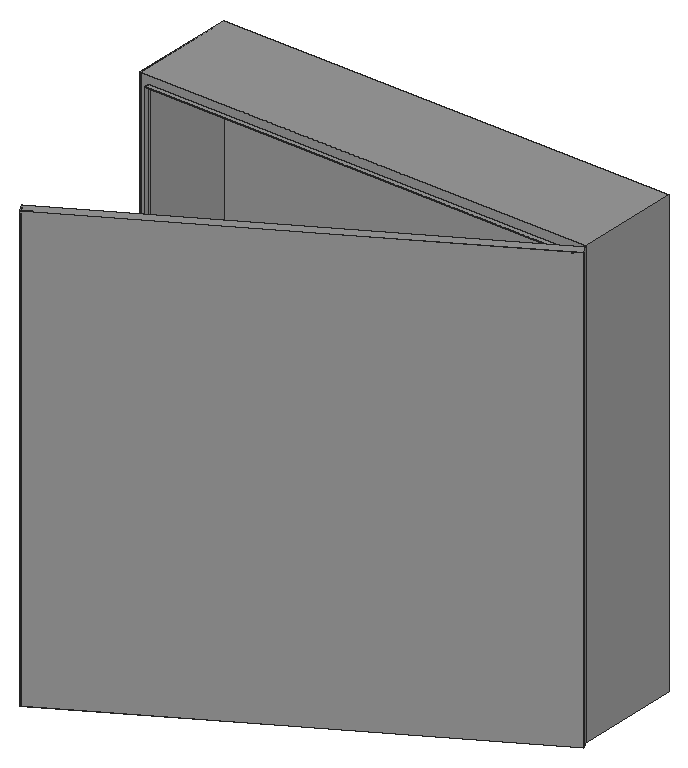
Revit family "Hager-Univers-IP44-D205-H800-Cl.II-Encl-NoHosted-PL-pl", category Electrical Equipment, Revit 2020
Family settings
  Panel Configuration = Two Columns, Circuits Across
  Round Connector Dimension = Use Diameter
  Part Type = Panelboard
  Work Plane-Based = Yes
  Always vertical = Yes
  Cut with Voids When Loaded = No
  Shared = No
  Room Calculation Point = No
Parameters (values of type "Montaż natynkowy IP44 S800 W800 G205  - FP53SN2")
  Width Control [instance] = if([EF000008 - Szerokość] > Min Width, [EF000008 - Szerokość], Min Width)  # 800 mm
  Type Comments = [HG000003 - Zakres]  # "Univers"
  Thickness Door [instance] = if([EF009171 - Drzwi/pokrywa z materiału o wysokiej wytrzymałości mechanicznej] > 3 mm, 3 mm, [EF009171 - Drzwi/pokrywa z materiału o wysokiej wytrzymałości mechanicznej])  # 1 mm
  Seal Frame Offset [instance] = 17 mm  # constant formula
  Plinth Visibility [instance] = [HG000027 - Wysokość cokołu] > 0 mm  # no
  Min Width [instance] = 100 mm  # constant formula
  Min Depth [instance] = (2 * [EF009170 - Obudowa z materiału o wysokiej wytrzymałości mechanicznej]) + 1 mm  # 3 mm
  Min Height [instance] = 100 mm  # constant formula
  Internal Frame Depth [instance] = (Door System Depth * 0.5)  # 9 mm
  Panel Name [instance] = ""  # (empty or 0)
  Model = ""
  HG000027 - Wysokość cokołu = 0 mm
  HG000026 - Stojąca = no
  HG000024 - Wysokość części dolnej = 600 mm
  HG000023 - Obudowa dwusekcyjna = no
  HG000016 - Widoczność drzwi w widoku 3D [instance] = yes
  HG000015 - Przestrzeń robocza - otwarcie drzwi [instance] = no
  HG000014 - Drzwi prawe [instance] = yes
  HG000013 - Drzwi lewe [instance] = not([HG000014 - Drzwi prawe])  # no
  HG000012 - Kąt otwarcia drzwi [instance] = 30.00°
  HG000010 - Drzwi asymetryczne = no
  HG000009 - Drzwi dwuskrzydłowe = no
  HG000006 - Montaż podtynkowy = no
  HG000004 - Referencja producenta = "FP53SN2"
  HG000003 - Zakres = "Univers"
  HG000002 - Z drzwiami lub pokrywą = yes
  Frame Offset Bottom [instance] = 10 mm  # constant formula
  Frame Offset [instance] = 15 mm  # constant formula
  EF015940 - Pokrywa z wyzwalaczem nadciśnieniowym = no
  EF011959 - Stopień ochrony (NEMA) = ""
  EF009554 - Liczba otworów pod flansze = 6
  EF009212 - Wykonanie pokrywy = "EV000116 - Zamknięty"
  EF009171 - Drzwi/pokrywa z materiału o wysokiej wytrzymałości mechanicznej = 1 mm
  EF009170 - Obudowa z materiału o wysokiej wytrzymałości mechanicznej = 1 mm
  EF008873 - Prąd znamionowy (In) = 250 A
  EF007800 - Do ochrony odgromowej = no
  EF006306 - Z zamkiem = no
  EF006244 - Transparentna pokrywa/drzwi = no
  EF005474 - Stopień ochrony (IP) = "EV006418 - IP44"
  EF004464 - Rodzaj drzwi = "EV002646 - Pojedynczy"
  EF004427 - Liczba modułów = 180
  EF004293 - Odporność udarowa = "EV006815 - IK09"
  EF003532 - Do zastosowań zewnętrznych = no
  EF002950 - Szerokość wyrażona liczbą modułów = 36
  EF001613 - Podtrzymanie funkcji = "EV000494 - Brak"
  EF001596 - Materiał obudowy = "EV000179 - Stal"
  EF001131 - Głębokość wewnętrzna = 130 mm
  EF001088 - Możliwość rozbudowy = yes
  EF000437 - Liczba wejść kablowych = 6
  EF000339 - Rodzaj pokrywy = "EV004216 - Drzwi"
  EF000266 - Liczba rzędów = 5
  EF000218 - Głębokość wbudowania = 205 mm
  EF000118 - Z płytą montażową = no
  EF000116 - Numer RAL = "9010"
  EF000049 - Głębokość = 205 mm
  EF000040 - Wysokość = 800 mm
  EF000008 - Szerokość = 800 mm
  EF000007 - Kolor = "EV000202 - Biały"
  EF000003 - Sposób montażu = "EV000384 - Montaż natynkowy"
  Door System Leaf Tolerance [instance] = 1.5 mm  # constant formula
  Door System Depth [instance] = 18 mm  # constant formula
  Door Height [instance] = Height Control - [HG000027 - Wysokość cokołu]  # 800 mm
  Description = ""
  Default Elevation = 1219.2 mm
  Connector Offset [instance] = Height Control / 2  # 400 mm
  Manufacturer = "Hager"  # constant formula
  Height Control [instance] = if([EF000040 - Wysokość] > Min Height, [EF000040 - Wysokość], Min Height)  # 800 mm
  Depth Control [instance] = if([EF000049 - Głębokość] > Min Depth, [EF000049 - Głębokość], Min Depth)  # 205 mm
  Bottom Top Plate Trim [instance] = 1.5 mm  # constant formula
  Plinth height Ctrl [instance] = if([HG000027 - Wysokość cokołu] > 0 mm, [HG000027 - Wysokość cokołu], 12 mm)  # 12 mm
Types (5, lengths in mm): name | Width Control | HG000010 - Drzwi asymetryczne | HG000009 - Drzwi dwuskrzydłowe | HG000004 - Referencja producenta | EF009554 - Liczba otworów pod flansze | EF004464 - Rodzaj drzwi | EF004427 - Liczba modułów | EF002950 - Szerokość wyrażona liczbą modułów | EF000437 - Liczba wejść kablowych | EF000339 - Rodzaj pokrywy | EF000008 - Szerokość
  Montaż natynkowy IP44 S1050 W800 G205  - FP54SN2 | 1050 | no | yes | "FP54SN2" | 8 | "EV003602 - Podwójny" | 240 | 48 | 8 | "EV004216 - Drzwi" | 1050
  Montaż natynkowy IP44 S1300 W800 G205  - FP55SN2 | 1300 | yes | yes | "FP55SN2" | 10 | "EV003602 - Podwójny" | 300 | 60 | 10 | "EV004216 - Drzwi" | 1300
  Montaż natynkowy IP44 S300 W800 G205  - FP51SN2 | 300 | no | no | "FP51SN2" | 2 | "EV002646 - Pojedynczy" | 60 | 12 | 2 | "EV001012 - Pokrywa" | 300
  Montaż natynkowy IP44 S550 W800 G205  - FP52SN2 | 550 | no | no | "FP52SN2" | 4 | "EV002646 - Pojedynczy" | 120 | 24 | 4 | "EV001012 - Pokrywa" | 550
  Montaż natynkowy IP44 S800 W800 G205  - FP53SN2 | 800 | no | no | "FP53SN2" | 6 | "EV002646 - Pojedynczy" | 180 | 36 | 6 | "EV004216 - Drzwi" | 800
Reference planes
  plane 1 "Center (Front/Back)": y = 0
  plane 2: z = 0
  plane 3 "Center (Left/Right)": x = 0
  plane 4: y = 0
  plane 5: y = 0
  plane 6: z = 0
  plane 7: x = -400
  plane 8: x = 400
  plane 9: x = 399
  plane 10: x = -399
  plane 11: z = 0
  plane 12: z = 1
  plane 13: y = -205
  plane 14: y = -1
  plane 15: x = 0
  plane 16: y = -187
  plane 17: y = -204
  plane 18: y = -186
  plane 19: x = -384
  plane 20: x = 384
  plane 21: z = 11
  plane 22: x = -383
  plane 23: x = 383
  plane 24: z = 0
  plane 25: z = 800
  plane 26: z = 800
  plane 27: z = 784
  plane 28: z = 799
Forms (mm)
  Extrusion 1, solid, material "Hager_Steel_RAL7035_Light_Grey", detail levels medium+fine
    sketch origin (-208.679, -4572, 0) x (-1, 0, 0) y (0, -1, 0)
      loop
        line (191.321, -4385) -> (-608.679, -4385) -> (-608.679, -4572) -> (191.321, -4572) -> (191.321, -4385)
    from 0 to 800
  Extrusion 2, void
    sketch origin (-350.771, -205, 1219.2) x (1, 0, 0) y (0, 0, 1)
      loop
        line (-48.229, -420.2) -> (-48.229, -1218.2) -> (749.771, -1218.2) -> (749.771, -420.2) -> (-48.229, -420.2)
    from -19 to -204
  Extrusion 3, void
    sketch origin (-290.084, -187, 1219.2) x (1, 0, 0) y (0, 0, 1)
      loop
        line (-93.916, -1208.2) -> (674.084, -1208.2) -> (674.084, -435.2) -> (-93.916, -435.2) -> (-93.916, -1208.2)
    from 0 to -1
  Extrusion 4, solid, material "Hager_Steel_RAL7035_Light_Grey", visible <- "Plinth Visibility", detail levels medium+fine
    sketch origin (0, 0, 0) x (1, 0, 0) y (0, 1, 0)
      loop
        line (-400, 0) -> (-400, -187) -> (400, -187) -> (400, 0) -> (-400, 0)
    from 0 to 12 <- "Plinth height Ctrl"
  Extrusion 5, solid, material "Hager_Steel_RAL7035_Light_Grey", detail levels coarse
    sketch origin (0, 0, 0) x (1, 0, 0) y (0, 1, 0)
      loop
        line (-400, 0) -> (-400, -205) -> (400, -205) -> (400, 0) -> (-400, 0)
    from 0 to 800 <- "Height Control"
  Sweep 6, void
    path in 3D
      loop
        line (-400, -187, 12) -> (400, -187, 12) -> (400, 0, 12) -> (-400, 0, 12) -> (-400, -187, 12)
    profile origin (-400, -93.5, 12) x (1, 0, 0) y (0, 0, 1)
      loop
        line (0, 0) -> (0, -1.5) -> (1.5, -1.5)
        arc (1.5, -1.5) -> (1.061, -0.439) -> (0, 0) r 1.5
  Extrusion 7, solid, material "Hager_Steel_RAL7035_Light_Grey", detail levels fine
    sketch origin (-400, -187, 0) x (1, 0, 0) y (0, 0, 1)
      loop
        line (16, 11) -> (784, 11) -> (784, 784) -> (16, 784) -> (16, 11)
      loop
        line (15, 10) -> (785, 10) -> (785, 785) -> (15, 785) -> (15, 10)
    from 0 to 9 <- "Internal Frame Depth"
Cuts and joins
  Extrusion 2, Extrusion 3 cuts Extrusion 1
  Sweep 6 cuts Extrusion 4
Lines and regions (mm)
  Masking region 1
    outline origin (0, 0, 0) x (1, 0, 0) y (0, 1, 0)
      loop
        line (-400, 0) -> (-400, -205) -> (400, -205) -> (400, 0) -> (-400, 0)
  Masking region 2, detail levels coarse
    outline origin (-290.084, -187, 1219.2) x (-1, 0, 0) y (0, 0, 1)
      loop
        line (-690.084, -1219.2) -> (109.916, -1219.2) -> (109.916, -419.2) -> (-690.084, -419.2) -> (-690.084, -1219.2)
  Masking region 3, detail levels coarse
    outline origin (0, 0, 0) x (0, 1, 0) y (0, 0, 1)
      loop
        line (0, 0) -> (0, 800) -> (-205, 800) -> (-205, 0) -> (0, 0)
  Masking region 4, visible <- "Plinth Visibility", detail levels medium+fine
    outline origin (0, 0, 0) x (0, 1, 0) y (0, 0, 1)
      loop
        line (-1.5, 12) -> (-185.5, 12)
        arc (-185.5, 12) -> (-185.939, 10.939) -> (-187, 10.5) r 1.5
        line (-187, 10.5) -> (-187, 0) -> (0, 0) -> (0, 10.5)
        arc (0, 10.5) -> (-1.061, 10.939) -> (-1.5, 12) r 1.5
  Masking region 5, detail levels medium+fine
    outline origin (0, 0, 594.038) x (0, 1, 0) y (0, 0, 1)
      loop
        line (0, -594.038) -> (0, 205.962) -> (-187, 205.962) -> (-187, -594.038) -> (0, -594.038)
  Masking region 6, detail levels medium+fine
    outline origin (-359.7, -187, 1211.883) x (-1, 0, 0) y (0, 0, 1)
      loop
        line (-759.7, -1211.883) -> (40.3, -1211.883) -> (40.3, -411.883) -> (-759.7, -411.883) -> (-759.7, -1211.883)
  Masking region 7, visible <- "Plinth Visibility", detail levels medium+fine
    outline origin (-320.334, -187, 1041.368) x (-1, 0, 0) y (0, 0, 1)
      loop
        line (-720.334, -1041.368) -> (79.666, -1041.368) -> (79.666, -1030.868)
        arc (79.666, -1030.868) -> (78.606, -1030.429) -> (78.166, -1029.368) r 1.5
        line (78.166, -1029.368) -> (-718.834, -1029.368)
        arc (-718.834, -1029.368) -> (-719.273, -1030.429) -> (-720.334, -1030.868) r 1.5
        line (-720.334, -1030.868) -> (-720.334, -1041.368)
  sketch lines
    curve 1: line (-400, 0, 12) -> (-400, -187, 12)
    curve 2: line (-400, -187, 12) -> (400, -187, 12)
    curve 3: line (400, 0, 12) -> (-400, 0, 12)
    curve 4: line (400, -187, 12) -> (400, 0, 12)
Dimensions and locks
  locked: plane 1 "Center (Front/Back)" to plane 5
  "EF009170 - Obudowa z materiału o wysokiej wytrzymałości mechanicznej": plane 7 to plane 10
  "EF009170 - Obudowa z materiału o wysokiej wytrzymałości mechanicznej": plane 8 to plane 9
  equal spacing: plane 7, plane 3 "Center (Left/Right)", plane 8
  "Width Control": plane 7 to plane 8
  "Depth Control": plane 4 to plane 13
  "EF009170 - Obudowa z materiału o wysokiej wytrzymałości mechanicznej": plane 4 to plane 14
  "Height Control": plane 25 to level
  "HG000027 - Wysokość cokołu": plane 11 to level
  "EF009170 - Obudowa z materiału o wysokiej wytrzymałości mechanicznej": plane 12 to plane 11
  "EF009170 - Obudowa z materiału o wysokiej wytrzymałości mechanicznej": plane 17 to plane 13
  "EF009170 - Obudowa z materiału o wysokiej wytrzymałości mechanicznej": plane 18 to plane 16
  "Frame Offset Bottom": plane 21 to plane 12
  "Frame Offset": plane 10 to plane 19
  "Frame Offset": plane 9 to plane 20
  "Door System Depth": plane 16 to plane 13
  "Seal Frame Offset": plane 7 to plane 22
  "Seal Frame Offset": plane 8 to plane 23
  "EF009170 - Obudowa z materiału o wysokiej wytrzymałości mechanicznej": plane 26 to plane 28
  "Frame Offset": plane 28 to plane 27
  "Connector Offset": plane 2 to connector elem
  "Bottom Top Plate Trim": profile plane to Sweep 6 sketch curve
  "Bottom Top Plate Trim": Sweep 6 sketch curve to Sweep 6 sketch curve
  "Plinth height Ctrl": Masking region 4 sketch curve to level
  "Plinth height Ctrl": Masking region 7 sketch curve to level
  "Thickness Door": Extrusion 7 sketch curve to Extrusion 7 sketch curve  (x4)
  "Bottom Top Plate Trim": radius of Sweep 6 sketch curve
  "Bottom Top Plate Trim": radius of Masking region 4 sketch curve  (x2)
  "Bottom Top Plate Trim": radius of Masking region 7 sketch curve  (x2)
  aligned and locked: Extrusion 2 sketch curve to plane 12
  aligned and locked: Extrusion 2 sketch curve to plane 9
  aligned and locked: Extrusion 2 sketch curve to plane 10
  aligned and locked: Extrusion 2 to plane 14
  aligned and locked: Extrusion 1 sketch curve to plane 4
  aligned and locked: plane 8 to Extrusion 1 sketch curve
  aligned and locked: plane 7 to Extrusion 1 sketch curve
  aligned and locked: Extrusion 2 to plane 18
  aligned and locked: Extrusion 3 sketch curve to plane 19
  aligned and locked: plane 20 to Extrusion 3 sketch curve
  aligned and locked: Extrusion 3 to Extrusion 2
  aligned and locked: Extrusion 3 sketch curve to plane 21
  aligned and locked: plane 3 "Center (Left/Right)" to nested 1
  aligned and locked: Extrusion 1 sketch curve to plane 16
  aligned and locked: Extrusion 4 sketch curve to cut or joined group of Extrusion 1, Extrusion 2, Extrusion 3
  aligned and locked: Masking region 1 sketch curve to plane 7
  aligned and locked: Masking region 1 sketch curve to plane 5
  aligned and locked: Masking region 1 sketch curve to plane 8
  aligned and locked: Masking region 2 sketch curve to level
  aligned and locked: level to Masking region 3 sketch curve
  aligned and locked: plane 1 "Center (Front/Back)" to Masking region 3 sketch curve
  aligned and locked: plane 13 to Masking region 3 sketch curve
  aligned and locked: plane 5 to Masking region 4 sketch curve
  aligned and locked: Masking region 2 sketch curve to plane 8
  aligned and locked: Masking region 2 sketch curve to plane 7
  aligned and locked: plane 7 to nested 2
  aligned and locked: nested 2 to plane 5
  aligned and locked: plane 5 to Masking region 5 sketch curve
  aligned and locked: plane 26 to Masking region 5 sketch curve
  aligned and locked: Extrusion 5 sketch curve to plane 8
  aligned and locked: Extrusion 5 sketch curve to plane 7
  aligned and locked: Extrusion 5 sketch curve to plane 5
  aligned and locked: Extrusion 3 sketch curve to plane 27
  aligned and locked: Extrusion 2 sketch curve to plane 28
  aligned and locked: Masking region 2 to plane 25
  aligned and locked: Extrusion 4 to plane 16
  aligned and locked: profile plane to Sweep 6 sketch curve
  aligned and locked: Masking region 5 sketch curve to plane 24
  aligned and locked: level to Masking region 4 sketch curve
  aligned and locked: Masking region 1 to plane 13
  aligned and locked: nested 1 to plane 16
  aligned and locked: Masking region 3 to plane 25
  aligned and locked: plane 16 to Masking region 4 sketch curve
  aligned and locked: Masking region 5 sketch curve to plane 16
  aligned and locked: plane 24 to plane 11
  aligned and locked: plane 26 to plane 25
  aligned and locked: plane 26 to cut or joined group of Extrusion 1, Extrusion 2, Extrusion 3
  aligned and locked: nested 1 to plane 24
  aligned and locked: Extrusion 1 to Extrusion 3
  aligned and locked: Masking region 6 sketch curve to plane 8
  aligned and locked: Masking region 6 sketch curve to plane 24
  aligned and locked: Masking region 6 sketch curve to plane 7
  aligned and locked: Masking region 6 sketch curve to plane 26
  aligned and locked: Masking region 7 sketch curve to plane 7
  aligned and locked: level to Masking region 7 sketch curve
  aligned and locked: Masking region 7 sketch curve to plane 8
  aligned and locked: Extrusion 7 sketch curve to cut or joined group of Extrusion 1, Extrusion 2, Extrusion 3  (x4)
Automatic sketch dimensions
  plane 19 to Extrusion 3 sketch curve = 0 mm
  Extrusion 3 sketch curve to plane 20 = 0 mm
  Extrusion 3 sketch curve to plane 21 = 0 mm
  Extrusion 4 sketch curve to plane 7 = 0 mm
  Extrusion 4 sketch curve to plane 8 = 0 mm
  Extrusion 4 sketch curve to plane 16 = 0 mm
  Masking region 1 sketch curve to plane 13 = 0 mm
  Masking region 2 sketch curve to plane 25 = 0 mm
  Masking region 3 sketch curve to plane 25 = 0 mm
  Extrusion 5 sketch curve to plane 13 = 0 mm
  profile plane to Sweep 6 sketch curve = 0 mm
Nested families
  nested 1: "EC000058_Univers_Door" at (0, -187, 0), Double <- "HG000009 - Drzwi dwuskrzydłowe", Transparent <- "EF006244 - Transparentna pokrywa/drzwi", Angle <- "HG000012 - Kąt otwarcia drzwi", Door_Right <- "HG000014 - Drzwi prawe", Assymetrical <- "HG000010 - Drzwi asymetryczne", Door <- "HG000002 - Z drzwiami lub pokrywą", Width_Ctrl <- "Width Control", 3d_Door <- "HG000016 - Widoczność drzwi w widoku 3D", Clearance <- "HG000015 - Przestrzeń robocza - otwarcie drzwi", Door_Left <- "HG000013 - Drzwi lewe", Width <- "Width Control", Door_Depth <- "Door System Depth", Leaf_Tolerance <- "Door System Leaf Tolerance", Height <- "Door Height", Lock_Visibility <- "EF006306 - Z zamkiem", Thickness <- "Thickness Door", type "EC000058_Univers_Door", detail levels medium+fine
    with min_wh 3 mm, Width_Ctrl 800 mm, Width 800 mm, Transparent no, Thickness 1 mm, Seal_Material Hager_Rubber, Lock_Visibility no, Lock_Material Hager_Plastic_RAL9005_Jet_Black, Leaf_Width 800 mm, Leaf_Tolerance_External_Sides 0 mm, Leaf_Tolerance 1.5 mm, Leaf_Offset 0 mm, Leaf_Height 797 mm, Leaf_2_Width 800 mm, Leaf_2_Offset 400 mm, Leaf_1_Width 800 mm, Leaf_1_Offset 400 mm, Height_Ctrl 800 mm, Height 800 mm, Glass_Material Hager_Glass, Double_Clearance_Ctrl no, Double no, Door_Right_Ctrl yes, Door_Right yes, Door_Material Hager_Steel_RAL7035_Light_Grey, Door_Left_Ctrl no, Door_Left no, Door_Depth 18 mm, Door yes, Clearance_Material Hager_Clearance, Clearance_Depth 800 mm, Clearance_Ctrl no, Clearance no, Assymetrical no, Angle 30.00°, 3d_Door yes
  nested 2: "Hager_Enclosure_Symbol" at (-400, 0, 0), Height <- "Depth Control", Width <- "Width Control", type "Hager_Enclosure_Symbol"
    with Width_Ctrl 800 mm, Width 800 mm, Height_Ctrl 205 mm, Height 205 mm, A_Width_Int 13.453 mm, A_Width 161.438 mm, A_Height_Ctrl 179.375 mm, A_Height 179.375 mm
Connectors
  electrical at (0, 0, 400)
    settings: on plane 1 "Center (Front/Back)", index 1, voltage 0 V, apparent load 0 VA, apparent load phase1 0 VA, apparent load phase2 0 VA, apparent load phase3 0 VA, power factor 1, load classification "Other", number of poles 1, system type 30, power factor state 1, is connector primary yes, connector utility no, sub classification motor no, connector description ""
Definition of nested family "EC000058_Univers_Door"
  Parameters (values of type "EC000058_Univers_Door")
    min_wh [instance] = (2 * Thickness) + 1 mm  # 11 mm
    Width_Ctrl [instance] = 400 mm
    Width [instance] = 500 mm
    Transparent [instance] = yes
    Thickness [instance] = 5 mm
    Seal_Material [instance] = none
    Lock_Visibility [instance] = yes
    Lock_Material [instance] = none
    Leaf_Width [instance] = if((Width_Ctrl - 2 * Leaf_Tolerance_External_Sides) > 0 mm, (Width_Ctrl - 2 * Leaf_Tolerance_External_Sides), min_wh)  # 400 mm
    Leaf_Tolerance_External_Sides [instance] = 0 mm  # constant formula
    Leaf_Tolerance [instance] = 1.5 mm
    Leaf_Offset [instance] = 0 mm  # constant formula
    Leaf_Height [instance] = if((Height_Ctrl - 2 * Leaf_Tolerance) > 0 mm, (Height_Ctrl - 2 * Leaf_Tolerance), min_wh)  # 497 mm
    Leaf_2_Width [instance] = if(and(and(Double, Assymetrical), Door_Left), (Leaf_Width / 3) - (Leaf_Tolerance / 2), if(and(and(Double, Assymetrical), Door_Right), (Leaf_Width / 3) * 2 - (Leaf_Tolerance / 2), if(and(Double, not(Assymetrical)), (Leaf_Width / 2) - Leaf_Tolerance, Leaf_Width)))  # 400 mm
    Leaf_2_Offset [instance] = if(and(Double, Assymetrical), Leaf_2_Width / 2, if(and(Double, not(Assymetrical)), Leaf_Width / 4, Leaf_Width / 2))  # 200 mm
    Leaf_1_Width [instance] = if(and(and(Double, Assymetrical), Door_Right), (Leaf_Width / 3) - (Leaf_Tolerance / 2), if(and(and(Double, Assymetrical), Door_Left), (Width / 3) * 2 - (Leaf_Tolerance / 2), if(and(Double, not(Assymetrical)), (Leaf_Width / 2) - Leaf_Tolerance, Leaf_Width)))  # 400 mm
    Leaf_1_Offset [instance] = if(and(Double, Assymetrical), Leaf_1_Width / 2, if(and(Double, not(Assymetrical)), Leaf_Width / 4, Leaf_Width / 2))  # 200 mm
    Height_Ctrl [instance] = if(Height > min_wh, Height, min_wh)  # 500 mm
    Height [instance] = 500 mm
    Glass_Material [instance] = none
    Double_Clearance_Ctrl [instance] = and(Double, Clearance)  # no
    Double [instance] = no
    Door_Right_Ctrl [instance] = and(or(Door_Right, Double), Door)  # yes
    Door_Right [instance] = yes
    Door_Material [instance] = none
    Door_Left_Ctrl [instance] = and(or(Door_Left, Double), Door)  # no
    Door_Left [instance] = no
    Door_Depth [instance] = 30 mm
    Door [instance] = yes
    Default Elevation = 1219.2 mm
    Clearance_Material [instance] = none
    Clearance_Depth [instance] = if(Leaf_1_Width > Leaf_2_Width, Leaf_1_Width, Leaf_2_Width)  # 400 mm
    Clearance_Ctrl [instance] = and(not(Double), Clearance)  # yes
    Clearance [instance] = yes
    Assymetrical [instance] = yes
    Angle [instance] = 30.00°
    3d_Door [instance] = yes
  Reference planes
    plane 1 "Center (Front/Back)": y = 0
    plane 2 "Bottom": z = 0
    plane 3 "Center (Left/Right)": x = 0
    plane 4: z = 500
    plane 5: x = -200
    plane 6: x = 200
    plane 7: z = 500
    plane 8: x = -200
    plane 9: z = 0
    plane 10: x = 200
    plane 11: y = 0
    plane 12: z = 1.5
    plane 13: x = -600
    plane 14: y = -400
    plane 15: x = 600
    plane 16: x = 0
    plane 17: x = 0
    plane 18: x = -200
    plane 19: x = 200
    plane 20: z = 498.5
  Forms (mm)
    Extrusion 1, solid, material <- "Clearance_Material", visible <- "Double_Clearance_Ctrl"
      sketch origin (1200, 0, 0) x (1, 0, 0) y (0, 0, -1)
        loop
          line (-1800, -498.5) -> (-600, -498.5) -> (-600, 0) -> (-1800, 0) -> (-1800, -498.5)
      from 0 to -400
  Dimensions and locks
    equal spacing: plane 5, plane 3 "Center (Left/Right)", plane 6
    "Width_Ctrl": plane 5 to plane 6
    "Leaf_Offset": plane 5 to plane 8
    "Leaf_Offset": plane 6 to plane 10
    "Leaf_Offset": plane 9 to level
    "Leaf_Offset": plane 4 to plane 7
    "Height_Ctrl": plane 4 to level
    "Leaf_Tolerance": plane 12 to plane 9
    locked: plane 11 to plane 1 "Center (Front/Back)"
    "Leaf_1_Offset": plane 18 to plane 16
    "Leaf_2_Offset": plane 17 to plane 19
    "Leaf_1_Width": plane 13 to plane 8
    "Leaf_2_Width": plane 10 to plane 15
    "Clearance_Depth": plane 14 to plane 1 "Center (Front/Back)"
    "Leaf_Tolerance_External_Sides": plane 8 to plane 18
    "Leaf_Tolerance_External_Sides": plane 19 to plane 10
    "Leaf_Tolerance": plane 7 to plane 20
    aligned and locked: level to plane 2 "Bottom"
    aligned and locked: nested 1 to plane 16
    aligned and locked: nested 2 to plane 17
    aligned and locked: Extrusion 1 to plane 13
    aligned and locked: plane 15 to Extrusion 1
    aligned and locked: Extrusion 1 to plane 14
    aligned and locked: plane 12 to nested 1
    aligned and locked: nested 2 to plane 12
    aligned and locked: Extrusion 1 to plane 11
    aligned and locked: plane 20 to Extrusion 1
    aligned and locked: nested 2 to plane 11
    aligned and locked: nested 1 to plane 11
  Automatic sketch dimensions
    Extrusion 1 sketch curve to level = 0 mm
    plane 5 to Extrusion 1 sketch curve = 400 mm
    plane 6 to Extrusion 1 sketch curve = 400 mm
    Extrusion 1 sketch curve to plane 4 = 1.5 mm
  Nested families
    nested 1: "EC000058_Univers_Door_Leaf" at (0, 0, 1.5), Width <- "Leaf_1_Width", visible <- "Door_Left_Ctrl", Leaf_Height <- "Leaf_Height", Angle <- "Angle", 3d_Door <- "3d_Door", Transparent <- "Transparent", Clearance Material <- "Clearance_Material", Clearance <- "Clearance_Ctrl", Door_Material <- "Door_Material", Glass_Material <- "Glass_Material", Door_Depth <- "Door_Depth", Lock_Material <- "Lock_Material", Seal_Material <- "Seal_Material", Lock_Visibility <- "Lock_Visibility", Thickness <- "Thickness", type "EC000058_Univers_Door_Leaf"
      with Width 400 mm, Transparent_Glass_Offset 30 mm, Transparent_Ctrl yes, Transparent yes, Thickness 5 mm, Standard no, Seal_Material none, Seal_D2 8 mm, Seal_D1 1 mm, Offset_Internal_Frame 10 mm, Lock_Width 20 mm, Lock_Visibility_3d yes, Lock_Visibility yes, Lock_Thickness_3 3 mm, Lock_Thickness_2 1 mm, Lock_Thickness_1 3 mm, Lock_Radius_Offset_2 16 mm, Lock_Radius_Offset_1 15 mm, Lock_Radius_2 5 mm, Lock_Radius 6 mm, Lock_Offset 5 mm, Lock_Material none, Lock_Height 80 mm, Lock_Cover_Top_Offset_2d 17 mm, Lock_Cover_Height -65 mm, Leaf_Height 497 mm, Internal_Seal_Thickness 8 mm, Internal_Seal_Depth_2 4.5 mm, Internal_Frame_Depth 25 mm, Glass_Thickness -1 mm, Glass_Offset -2 mm, Glass_Material none, Door_Material none, Door_Depth 30 mm, Clearance Material none, Clearance yes, Angle_Ctrl 30.00°, Angle 30.00°, 3d_Door yes
    nested 2: "EC000058_Univers_Door_Leaf" at (0, 0, 1.5) x (-1, 0, 0) z (0, 0, 1), Width <- "Leaf_2_Width", visible <- "Door_Right_Ctrl", Leaf_Height <- "Leaf_Height", Angle <- "Angle", 3d_Door <- "3d_Door", Transparent <- "Transparent", Clearance Material <- "Clearance_Material", Clearance <- "Clearance_Ctrl", Door_Material <- "Door_Material", Glass_Material <- "Glass_Material", Door_Depth <- "Door_Depth", Lock_Material <- "Lock_Material", Seal_Material <- "Seal_Material", Lock_Visibility <- "Lock_Visibility", Thickness <- "Thickness", type "EC000058_Univers_Door_Leaf"
      with Width 400 mm, Transparent_Glass_Offset 30 mm, Transparent_Ctrl yes, Transparent yes, Thickness 5 mm, Standard no, Seal_Material none, Seal_D2 8 mm, Seal_D1 1 mm, Offset_Internal_Frame 10 mm, Lock_Width 20 mm, Lock_Visibility_3d yes, Lock_Visibility yes, Lock_Thickness_3 3 mm, Lock_Thickness_2 1 mm, Lock_Thickness_1 3 mm, Lock_Radius_Offset_2 16 mm, Lock_Radius_Offset_1 15 mm, Lock_Radius_2 5 mm, Lock_Radius 6 mm, Lock_Offset 5 mm, Lock_Material none, Lock_Height 80 mm, Lock_Cover_Top_Offset_2d 17 mm, Lock_Cover_Height -65 mm, Leaf_Height 497 mm, Internal_Seal_Thickness 8 mm, Internal_Seal_Depth_2 4.5 mm, Internal_Frame_Depth 25 mm, Glass_Thickness -1 mm, Glass_Offset -2 mm, Glass_Material none, Door_Material none, Door_Depth 30 mm, Clearance Material none, Clearance yes, Angle_Ctrl 30.00°, Angle 30.00°, 3d_Door yes
  Definition of nested family "EC000058_Univers_Door_Leaf"
    Parameters (values of type "EC000058_Univers_Door_Leaf")
      Width [instance] = 2000 mm
      Transparent_Glass_Offset [instance] = 30 mm
      Transparent_Ctrl [instance] = and(Transparent, [3d_Door])  # yes
      Transparent [instance] = yes
      Thickness [instance] = 5 mm
      Standard [instance] = and(not(Transparent), [3d_Door])  # no
      Seal_Material [instance] = none
      Seal_D2 [instance] = 8 mm  # constant formula
      Seal_D1 [instance] = 1 mm  # constant formula
      Offset_Internal_Frame [instance] = 10 mm  # constant formula
      Lock_Width [instance] = 20 mm  # constant formula
      Lock_Visibility_3d [instance] = and(Lock_Visibility, [3d_Door])  # yes
      Lock_Visibility [instance] = yes
      Lock_Thickness_3 [instance] = 3 mm  # constant formula
      Lock_Thickness_2 [instance] = 1 mm  # constant formula
      Lock_Thickness_1 [instance] = 3 mm  # constant formula
      Lock_Radius_Offset_2 [instance] = Lock_Radius_Offset_1 + 1 mm  # 16 mm
      Lock_Radius_Offset_1 [instance] = 15 mm  # constant formula
      Lock_Radius_2 [instance] = Lock_Radius - 1 mm  # 5 mm
      Lock_Radius [instance] = 6 mm  # constant formula
      Lock_Offset [instance] = 5 mm  # constant formula
      Lock_Material [instance] = none
      Lock_Height [instance] = 80 mm  # constant formula
      Lock_Cover_Top_Offset_2d [instance] = Lock_Radius_Offset_2 + 1 mm  # 17 mm
      Lock_Cover_Height [instance] = -(Lock_Height - Lock_Radius_Offset_1)  # -65 mm
      Leaf_Height [instance] = 2720.336 mm
      Internal_Seal_Thickness [instance] = 8 mm  # constant formula
      Internal_Seal_Depth_2 [instance] = 4.5 mm  # constant formula
      Internal_Frame_Depth [instance] = if(Door_Depth - Thickness > 5 mm, Door_Depth - Thickness, 5 mm)  # 25 mm
      Glass_Thickness [instance] = if(Thickness > 15 mm, Glass_Offset + 10 mm, -1 mm)  # -1 mm
      Glass_Offset [instance] = if(Thickness > 15 mm, -(Thickness + 10 mm) / 2, -2 mm)  # -2 mm
      Glass_Material [instance] = none
      Door_Material [instance] = none
      Door_Depth [instance] = 30 mm
      Default Elevation = 0 mm
      Clearance Material [instance] = none
      Clearance [instance] = yes
      Angle_Ctrl [instance] = if(Angle > 180.00°, 180.00°, Angle)  # 90.00°
      Angle [instance] = 90.00°
      3d_Door [instance] = yes
    Reference planes
      plane 1 "Center (Front/Back)": y = 0
      plane 2: z = 0
      plane 3 "Center (Left/Right)": x = 0
      plane 4: y = 2000
      plane 5: x = -1000
      plane 6: x = 1000
      plane 7: x = -3000
      plane 8: z = 2720.336
      plane 9: z = 30
      plane 10: z = 2690.336
      plane 11: x = 970
      plane 12: x = -970
      plane 13: y = -3
      plane 14: z = 107.833
      plane 15: y = -5
      plane 16: y = -223.314
      plane 17: x = -1000
      plane 18: z = 1360.168
      plane 19: y = 30
    Forms (mm)
      Extrusion 1, solid, material <- "Clearance Material", visible <- "Clearance"
        sketch origin (0, 0, 0) x (1, 0, 0) y (0, 0, 1)
          loop
            line (-3000, 2720.336) -> (-3000, 0) -> (1000, 0) -> (1000, 2720.336) -> (-3000, 2720.336)
        from 0 to -2000
      Extrusion 2, solid, material <- "Door_Material", visible <- "Standard", detail levels medium+fine
        sketch origin (-1000, 0, 0) x (0, 1, 0) y (-1, 0, 0)
          loop
            line (0, 30) -> (0, 25) -> (2000, 25) -> (2000, 30) -> (0, 30)
        from 0 to 2720.336 <- "Leaf_Height"
      Extrusion 3, solid, material <- "Door_Material", visible <- "Transparent_Ctrl", detail levels medium+fine
        sketch origin (-1000, 0, 0) x (0, 1, 0) y (-1, 0, 0)
          loop
            line (0, 25) -> (2000, 25) -> (2000, 30) -> (0, 30) -> (0, 25)
        from 0 to 2720.336 <- "Leaf_Height"
      Extrusion 4, void
        sketch origin (-1025, 2000, 0) x (0, 1, 0) y (0, 0, -1)
          loop
            line (-30, -2690.336) -> (-30, -30) -> (-1970, -30) -> (-1970, -2690.336) -> (-30, -2690.336)
        from 0 to 5 <- "Thickness"
      Sweep 5, solid, material <- "Seal_Material", visible <- "Transparent_Ctrl", detail levels fine
        path in 3D
          loop
            line (-1025, 30, 30) -> (-1025, 30, 2690.336) -> (-1025, 1970, 2690.336) -> (-1025, 1970, 30) -> (-1025, 30, 30)
        profile origin (-1025, 1000, 30) x (1, 0, 0) y (0, 0, 1)
          loop
            line (0, 0) -> (0, -8) -> (1, -8) -> (1, 0) -> (0, 0)
      Extrusion 6, solid, material <- "Glass_Material", visible <- "Transparent_Ctrl", detail levels medium+fine
        sketch origin (-1030, 0, 0) x (0, 1, 0) y (0, 0, -1)
          loop
            line (1970, -2690.336) -> (1970, -30) -> (30, -30) -> (30, -2690.336) -> (1970, -2690.336)
        from -2 <- "Glass_Offset" to -1 <- "Glass_Thickness"
      Extrusion 7, solid, material <- "Door_Material", visible <- "3d_Door", detail levels medium+fine
        sketch origin (-1025, 2000, 0) x (0, -1, 0) y (0, 0, -1)
          loop
            line (0, -2720.336) -> (2000, -2720.336) -> (2000, 0) -> (0, 0) -> (0, -2720.336)
          loop
            line (1995, -5) -> (5, -5) -> (5, -2715.336) -> (1995, -2715.336) -> (1995, -5)
        from 0 to 25 <- "Internal_Frame_Depth"
      Sweep 8, solid, material <- "Seal_Material", visible <- "Transparent_Ctrl", detail levels fine
        path in 3D
          loop
            line (-1025, 0, 0) -> (-1025, 2000, 0) -> (-1025, 2000, 2720.336) -> (-1025, 0, 2720.336) -> (-1025, 0, 0)
        profile origin (-1025, 0, 1360.168) x (1, 0, 0) y (0, 1, 0)
          loop
            line (0, 10) -> (2.975, 10)
            arc (2.975, 10) -> (4.053, 10.447) -> (4.5, 11.525) r 1.525
            line (4.5, 11.525) -> (4.5, 16.527)
            arc (4.5, 16.527) -> (4.069, 17.569) -> (3.027, 18) r 1.473
            line (3.027, 18) -> (0, 18) -> (0, 10)
      Extrusion 9, solid, material <- "Lock_Material", visible <- "Lock_Visibility_3d", detail levels fine
        sketch origin (-1030, 0, 0) x (0, 1, 0) y (0, 0, -1)
          loop
            arc (1993.5, -1400.168) -> (1994.561, -1399.729) -> (1995, -1398.668) r 1.5
            line (1995, -1398.668) -> (1995, -1320.168) -> (1975, -1320.168) -> (1975, -1398.668)
            arc (1975, -1398.668) -> (1975.439, -1399.729) -> (1976.5, -1400.168) r 1.5
            line (1976.5, -1400.168) -> (1993.5, -1400.168)
        from 3 <- "Lock_Thickness_1" to 0
      Blend 10, solid, material <- "Lock_Material", visible <- "Lock_Visibility_3d", detail levels fine
        base sketch origin (-1033, 0, 0) x (0, 1, 0) y (0, 0, -1)
          loop
            line (1975, -1320.168) -> (1975, -1398.668)
            arc (1975, -1398.668) -> (1975.439, -1399.729) -> (1976.5, -1400.168) r 1.5
            line (1976.5, -1400.168) -> (1993.5, -1400.168)
            arc (1993.5, -1400.168) -> (1994.561, -1399.729) -> (1995, -1398.668) r 1.5
            line (1995, -1398.668) -> (1995, -1320.168) -> (1975, -1320.168)
        top sketch origin (-1033, 0, 0) x (0, 1, 0) y (0, 0, -1)
          loop
            line (1976, -1320.168) -> (1976, -1398.668)
            arc (1976, -1398.668) -> (1976.146, -1399.022) -> (1976.5, -1399.168) r 0.5
            line (1976.5, -1399.168) -> (1993.5, -1399.168)
            arc (1993.5, -1399.168) -> (1993.854, -1399.022) -> (1994, -1398.668) r 0.5
            line (1994, -1398.668) -> (1994, -1320.168) -> (1976, -1320.168)
        from 0 to 1 <- "Lock_Thickness_2"
      Blend 11, solid, material <- "Lock_Material", visible <- "Lock_Visibility_3d", detail levels fine
        base sketch origin (-1034, 0, 0) x (0, 1, 0) y (0, 0, -1)
          loop
            line (1978, -1320.168) -> (1978, -1384.168)
            arc (1978, -1384.168) -> (1985, -1391.168) -> (1992, -1384.168) r 7
            line (1992, -1384.168) -> (1992, -1320.168) -> (1978, -1320.168)
        top sketch origin (-1034, 0, 0) x (0, 1, 0) y (0, 0, -1)
          loop
            line (1991, -1320.168) -> (1979, -1320.168) -> (1979, -1383.168)
            arc (1979, -1383.168) -> (1985, -1389.168) -> (1991, -1383.168) r 6
            line (1991, -1383.168) -> (1991, -1320.168)
        from 0 to 3 <- "Lock_Thickness_3"
      Extrusion 12, solid, material <- "Lock_Material", visible <- "Lock_Visibility_3d", detail levels fine
        sketch origin (-1030, 1975, 1320.168) x (1, 0, 0) y (0, -1, 0)
          loop
            line (-7, -19) -> (-7, -1) -> (0, -1) -> (0, 0) -> (-8, 0) -> (-8, -20) -> (0, -20) -> (0, -19) -> (-7, -19)
        from 0 to -65 <- "Lock_Cover_Height"
      Extrusion 13, void
        sketch origin (-1038, 1995, 1320.168) x (-1, 0, 0) y (0, 0, -1)
          loop
            line (-5, -65) -> (0, -65) -> (-5, -60) -> (-5, -65)
        from 0 to 20 <- "Lock_Width"
      Extrusion 14, void
        sketch origin (-1038, 1975, 1320.168) x (0, -1, 0) y (0, 0, -1)
          loop
            circle (-10, -15.995) r 6
          loop
            circle (-10, -15.995) r 5
        from 0 to 2
      Extrusion 15, solid, material <- "Lock_Material", visible <- "Lock_Visibility_3d", detail levels medium
        sketch origin (-1030, 0, 0) x (0, 1, 0) y (0, 0, -1)
          loop
            arc (1993.5, -1400.168) -> (1994.561, -1399.729) -> (1995, -1398.668) r 1.5
            line (1995, -1398.668) -> (1995, -1320.168) -> (1975, -1320.168) -> (1975, -1398.668)
            arc (1975, -1398.668) -> (1975.439, -1399.729) -> (1976.5, -1400.168) r 1.5
            line (1976.5, -1400.168) -> (1993.5, -1400.168)
        from 8 to 0
    Cuts and joins
      Extrusion 4 cuts Extrusion 3
      Extrusion 13, Extrusion 14 cuts Extrusion 9
      Extrusion 14 cuts Blend 11
      Extrusion 13, Extrusion 14 cuts Extrusion 12
      joined: Extrusion 9, Blend 10, Blend 11, Extrusion 12
      Extrusion 14 cuts Extrusion 15
    Lines and regions (mm)
      Masking region 1, visible <- "Lock_Visibility", detail levels fine
        outline origin (0, 0, 0) x (0, 1, 0) y (0, 0, 1)
          loop
            line (30, 1320.168) -> (33, 1320.168) -> (33, 1400.168) -> (30, 1400.168) -> (30, 1320.168)
      Masking region 2, visible <- "Lock_Visibility", detail levels fine
        outline origin (0, 3.143, 0) x (0, 1, 0) y (0, 0, 1)
          loop
            line (29.857, 1354.168) -> (30.857, 1354.168) -> (30.857, 1366.168) -> (29.857, 1366.168) -> (29.857, 1354.168)
      Masking region 3, detail levels medium+fine
        outline origin (0, 0, 0) x (0, 1, 0) y (0, 0, 1)
          loop
            line (0, 0) -> (30, 0) -> (30, 2720.336) -> (0, 2720.336) -> (0, 0)
      Masking region 4, detail levels medium+fine
        outline origin (0, 0, 0) x (1, 0, 0) y (0, 0, 1)
          loop
            line (-1000, 2720.336) -> (-1000, 0) -> (1000, 0) -> (1000, 2720.336) -> (-1000, 2720.336)
      Masking region 5, visible <- "Lock_Visibility", detail levels fine
        outline origin (-47.116, 0, 0) x (1, 0, 0) y (0, 0, 1)
          loop
            arc (1024.616, 1399.168) -> (1023.556, 1398.729) -> (1023.116, 1397.668) r 1.5
            line (1023.116, 1397.668) -> (1023.116, 1320.168) -> (1041.116, 1320.168) -> (1041.116, 1397.668)
            arc (1041.116, 1397.668) -> (1040.677, 1398.729) -> (1039.616, 1399.168) r 1.5
            line (1039.616, 1399.168) -> (1024.616, 1399.168)
      Masking region 6, visible <- "Lock_Visibility", detail levels medium+fine
        outline origin (-25, 0, 0) x (1, 0, 0) y (0, 0, 1)
          loop
            arc (1001.5, 1400.168) -> (1000.439, 1399.729) -> (1000, 1398.668) r 1.5
            line (1000, 1398.668) -> (1000, 1320.168) -> (1020, 1320.168) -> (1020, 1398.668)
            arc (1020, 1398.668) -> (1019.561, 1399.729) -> (1018.5, 1400.168) r 1.5
            line (1018.5, 1400.168) -> (1001.5, 1400.168)
      Masking region 7, visible <- "Lock_Visibility", detail levels fine
        outline origin (-73.735, 0, 0) x (1, 0, 0) y (0, 0, 1)
          loop
            line (1051.735, 1382.168) -> (1065.735, 1382.168) -> (1065.735, 1384.168)
            arc (1065.735, 1384.168) -> (1058.735, 1391.168) -> (1051.735, 1384.168) r 7
            line (1051.735, 1384.168) -> (1051.735, 1382.168)
      Masking region 8, visible <- "Lock_Visibility", detail levels fine
        outline origin (-73.735, 0, 0) x (1, 0, 0) y (0, 0, 1)
          loop
            line (1052.735, 1382.168) -> (1064.735, 1382.168) -> (1064.735, 1383.168)
            arc (1064.735, 1383.168) -> (1058.735, 1389.168) -> (1052.735, 1383.168) r 6
            line (1052.735, 1383.168) -> (1052.735, 1382.168)
      Masking region 9, visible <- "Lock_Visibility", detail levels fine
        outline origin (-25, 0, 0) x (1, 0, 0) y (0, 0, 1)
          loop
            line (1020, 1320.168) -> (1020, 1382.168) -> (1000, 1382.168) -> (1000, 1320.168) -> (1020, 1320.168)
      Masking region 10, detail levels medium+fine
        outline origin (0, 0, 0) x (1, 0, 0) y (0, 0, 1)
          loop
            circle (985, 1335.144) r 6
      Masking region 11, detail levels fine
        outline origin (0, 0, 0) x (1, 0, 0) y (0, 0, 1)
          loop
            circle (985, 1335.144) r 5
      Masking region 12, visible <- "Lock_Visibility", detail levels fine
        outline origin (0, 12.767, 0) x (0, 1, 0) y (0, 0, 1)
          loop
            line (20.233, 1320.168) -> (21.233, 1320.168) -> (21.233, 1399.168) -> (20.233, 1400.168) -> (20.233, 1320.168)
      Masking region 13, visible <- "Lock_Visibility", detail levels fine
        outline origin (0, 13.767, -10) x (0, 1, 0) y (0, 0, 1)
          loop
            line (20.233, 1330.168) -> (23.233, 1330.168) -> (23.233, 1399.168) -> (20.233, 1402.168) -> (20.233, 1330.168)
      Masking region 14, visible <- "Lock_Visibility", detail levels fine
        outline origin (0, 12.767, -10) x (0, 1, 0) y (0, 0, 1)
          loop
            line (20.233, 1330.168) -> (25.233, 1330.168) -> (25.233, 1399.305) -> (20.233, 1394.305) -> (20.233, 1330.168)
      Masking region 15, visible <- "Lock_Visibility", detail levels medium
        outline origin (0, 0, 0) x (0, 1, 0) y (0, 0, 1)
          loop
            line (30, 1320.168) -> (38, 1320.168) -> (38, 1400.168) -> (30, 1400.168) -> (30, 1320.168)
      Masking region 16, visible <- "Lock_Visibility", detail levels fine
        outline origin (-1000, 0, 0) x (0, 1, 0) y (-1, 0, 0)
          loop
            line (1975, 30) -> (1995, 30) -> (1995, 38) -> (1975, 38) -> (1975, 30)
          loop
            line (1979, 37) -> (1976, 37) -> (1976, 34) -> (1978, 34) -> (1979, 37)
          loop
            line (1994, 37) -> (1991, 37) -> (1992, 34) -> (1994, 34) -> (1994, 37)
      Masking region 17, visible <- "Lock_Visibility", detail levels medium
        outline origin (-1000, 0, 0) x (0, 1, 0) y (-1, 0, 0)
          loop
            line (1975, 30) -> (1995, 30) -> (1995, 38) -> (1975, 38) -> (1975, 30)
      symbolic lines
        curve 1: line (1000, 0, 0) -> (-3000, 0, 0)
        curve 2: arc (1000, 0, 0) -> (-1000, 2000, 0) -> (-3000, 0, 0) r 2000
        curve 4: line (-1030, 0, 0) -> (-1030, 2000, 0)
      reference lines
        curve 3: line (-1000, 0, 0) -> (-1000, 2000, 0)
      symbolic lines, detail levels medium+fine
        curve 5: line (-1030, 2000, 0) -> (-1025, 2000, 0)
        curve 7: line (-1025, 0, 0) -> (-1030, 0, 0)
        curve 8: line (-1025, 0, 0) -> (-1000, 0, 0)
        curve 9: line (-1000, 0, 0) -> (-1000, 2000, 0)
        curve 10: line (-1000, 2000, 0) -> (-1025, 2000, 0)
      symbolic lines, detail levels fine
        curve 6: line (-1025, 2000, 0) -> (-1025, 0, 0)
      sketch lines
        curve 11: line (-1025, 0, 2720.336) -> (-1025, 0, 0)
        curve 12: line (-1025, 2000, 0) -> (-1025, 0, 0)
        curve 13: line (-1025, 2000, 2720.336) -> (-1025, 2000, 0)
        curve 14: line (-1025, 0, 2720.336) -> (-1025, 2000, 2720.336)
        curve 15: line (-1025, 1970, 30) -> (-1025, 30, 30)
        curve 16: line (-1025, 30, 30) -> (-1025, 30, 2690.336)
        curve 17: line (-1025, 1970, 2690.336) -> (-1025, 1970, 30)
        curve 18: line (-1025, 30, 2690.336) -> (-1025, 1970, 2690.336)
      symbolic lines, visible <- "Transparent", detail levels medium+fine
        curve 19: line (-970, 0, 2690.336) -> (970, 0, 2690.336)
        curve 20: line (-970, 0, 30) -> (-970, 0, 2690.336)
        curve 21: line (970, 0, 30) -> (-970, 0, 30)
        curve 22: line (970, 0, 2690.336) -> (970, 0, 30)
    Dimensions and locks
      "Width": plane 1 "Center (Front/Back)" to plane 4
      equal spacing: plane 5, plane 3 "Center (Left/Right)", plane 6
      "Width": plane 5 to plane 6
      "Width": plane 7 to plane 5
      "Leaf_Height": plane 8 to level
      "Width": curve 5 to curve 3
      "Width": curve 3 to curve 3
      plane 8 to plane 10 = 30 mm
      plane 9 to level = 30 mm
      plane 12 to plane 5 = 30 mm
      plane 6 to plane 11 = 30 mm
      Extrusion 1 to Extrusion 4 sketch curve = 30 mm
      "Transparent_Glass_Offset": curve 3 to Extrusion 4 sketch curve
      "Transparent_Glass_Offset": Extrusion 4 sketch curve to cut or joined group of Extrusion 3, Extrusion 4  (x2)
      cut or joined group of Extrusion 3, Extrusion 4 to Extrusion 6 sketch curve = 30 mm
      "Transparent_Glass_Offset": cut or joined group of Extrusion 3, Extrusion 4 to Extrusion 4 sketch curve
      "Thickness": curve 6 to curve 4
      "Thickness": Extrusion 7 sketch curve to Extrusion 7 sketch curve  (x4)
      "Door_Depth": curve 4 to curve 3
      "Offset_Internal_Frame": profile plane to Sweep 8 sketch curve
      "Internal_Seal_Thickness": Sweep 8 sketch curve to Sweep 8 sketch curve
      "Internal_Seal_Depth_2": profile plane to Sweep 8 sketch curve
      "Seal_D1": profile plane to Sweep 5 sketch curve
      "Seal_D2": profile plane to Sweep 5 sketch curve
      "Thickness": Extrusion 2 sketch curve to Extrusion 2 sketch curve
      equal spacing: Extrusion 9 sketch curve, plane 18, Extrusion 9 sketch curve  (x2)
      equal spacing: Masking region 1 sketch curve, plane 18, Masking region 1 sketch curve
      "Lock_Height": Masking region 1 sketch curve to Masking region 1 sketch curve
      "Lock_Radius": Masking region 2 sketch curve to plane 18 to Masking region 2 sketch curve
      Masking region 2 sketch curve to Masking region 1 = 1 mm
      "Door_Depth": plane 19 to plane 1 "Center (Front/Back)"
      "Lock_Thickness_1": Masking region 1 sketch curve to plane 19
      "Lock_Width": Extrusion 9 sketch curve to Extrusion 9 sketch curve
      "Lock_Height": Extrusion 9 sketch curve to Extrusion 9 sketch curve
      "Lock_Offset": cut or joined group of Extrusion 3, Extrusion 4 to Extrusion 9 sketch curve
      equal spacing: plane 8, plane 18, level
      "Lock_Radius_Offset_1": Blend 11 sketch curve to Blend 10
      locked: Blend 10 to Blend 11 sketch curve at 2  (x2)
      locked: var sketch to Blend 11 sketch curve at 1  (x2)
      "Lock_Radius_Offset_2": Blend 11 sketch curve to Blend 10
      locked: Extrusion 12 sketch curve to Extrusion 12 sketch curve at 1  (x3)
      Masking region 6 sketch curve to Masking region 6 sketch curve = 80 mm
      "Lock_Height": Masking region 6 sketch curve to Masking region 6 sketch curve
      "Lock_Width": Masking region 6 sketch curve to Masking region 6 sketch curve
      locked: Masking region 6 to Masking region 5 sketch curve at 1  (x3)
      locked: Masking region 5 to Masking region 7 sketch curve at 2  (x2)
      "Lock_Radius_Offset_1": Masking region 5 to Masking region 7 sketch curve
      "Lock_Radius_Offset_2": Masking region 5 to Masking region 8 sketch curve
      locked: Masking region 7 to Masking region 8 sketch curve at 1  (x2)
      "Lock_Cover_Top_Offset_2d": Masking region 5 to Masking region 9 sketch curve
      equal spacing: Masking region 9, Masking region 10 sketch curve, Masking region 9
      equal spacing: Masking region 9, Masking region 11 sketch curve, Masking region 9
      Extrusion 15 sketch curve to Extrusion 15 sketch curve = 80 mm
      "Lock_Width": Extrusion 15 sketch curve to Extrusion 15 sketch curve
      "Lock_Height": Extrusion 15 sketch curve to Extrusion 15 sketch curve
      equal spacing: Extrusion 15 sketch curve, plane 18, Extrusion 15 sketch curve
      "Lock_Thickness_3": Masking region 13 sketch curve to Masking region 13 sketch curve
      "Lock_Height": Masking region 12 sketch curve to Masking region 12 sketch curve
      locked: Masking region 13 sketch curve to Masking region 1 at 8
      locked: Masking region 14 sketch curve to Masking region 13 at 1
      locked: Masking region 14 sketch curve to Masking region 1 at 10.863
      "Lock_Height": Masking region 15 sketch curve to Masking region 15 sketch curve
      "Lock_Offset": Extrusion 15 sketch curve to cut or joined group of Extrusion 3, Extrusion 4
      "Lock_Offset": plane 6 to Masking region 6 sketch curve
      radius of Sweep 8 sketch curve = 1.525 mm
      radius of Sweep 8 sketch curve = 1.473 mm
      radius of Extrusion 9 sketch curve = 1.5 mm  (x2)
      "Lock_Radius": radius of Extrusion 14 sketch curve
      "Lock_Radius_2": radius of Extrusion 14 sketch curve
      "Lock_Radius": radius of Masking region 10 sketch curve
      "Lock_Radius_2": radius of Masking region 11 sketch curve
      radius of Extrusion 15 sketch curve = 1.5 mm  (x2)
      "Angle_Ctrl": angle plane 1 "Center (Front/Back)" to curve 3
      locked: Masking region 12 sketch curve to Masking region 12 sketch curve (angle 45.00°)
      locked: Masking region 13 sketch curve to Masking region 13 sketch curve (angle 45.00°)
      locked: Masking region 14 sketch curve to Masking region 14 sketch curve (angle 45.00°)
      aligned and locked: level to plane 2
      aligned and locked: Extrusion 1 to curve 1
      aligned and locked: plane 6 to Extrusion 1
      aligned and locked: Extrusion 1 to plane 1 "Center (Front/Back)"
      aligned and locked: plane 4 to Extrusion 1
      aligned and locked: plane 8 to Extrusion 1
      aligned and locked: curve 7 to Extrusion 2 sketch curve
      aligned and locked: curve 5 to Extrusion 2 sketch curve
      aligned and locked: curve 7 to Extrusion 3 sketch curve
      aligned and locked: Extrusion 3 sketch curve to curve 4
      aligned and locked: Extrusion 3 sketch curve to curve 6
      aligned and locked: Extrusion 3 sketch curve to curve 5
      aligned and locked: curve 9 to curve 3
      aligned and locked: Extrusion 7 sketch curve to cut or joined group of Extrusion 3, Extrusion 4  (x4)
      aligned and locked: plane 17 to curve 3
      aligned and locked: plane 1 "Center (Front/Back)" to curve 3
      aligned and locked: plane 17 to plane 5
      aligned and locked: Sweep 8 sketch curve to profile plane
      aligned and locked: Sweep 5 sketch curve to profile plane  (x2)
      aligned and locked: Masking region 1 to Masking region 2 sketch curve
      aligned and locked: plane 19 to Masking region 1 sketch curve
      aligned and locked: plane 1 "Center (Front/Back)" to Masking region 3 sketch curve
      aligned and locked: plane 19 to Masking region 3 sketch curve
      aligned and locked: level to Masking region 3 sketch curve
      aligned and locked: Masking region 3 sketch curve to plane 8
      aligned and locked: plane 17 to Masking region 4 sketch curve
      aligned and locked: level to Masking region 4 sketch curve
      aligned and locked: Masking region 4 sketch curve to plane 8
      aligned and locked: plane 12 to curve 20
      aligned and locked: plane 10 to curve 19
      aligned and locked: plane 11 to curve 22
      aligned and locked: curve 21 to plane 9
      aligned and locked: Extrusion 2 sketch curve to cut or joined group of Extrusion 3, Extrusion 4
      aligned and locked: Blend 10 sketch curve to Extrusion 9  (x4)
      aligned and locked: Extrusion 9 to Blend 10 sketch curve
      aligned and locked: Blend 10 to Blend 11 sketch curve
      aligned and locked: Extrusion 12 sketch curve to Blend 11
      aligned and locked: Extrusion 12 sketch curve to Extrusion 9  (x4)
      aligned and locked: Masking region 5 sketch curve to Masking region 6
      aligned and locked: Masking region 9 sketch curve to Masking region 6  (x3)
      aligned and locked: Masking region 12 sketch curve to Masking region 1
      aligned and locked: Masking region 13 sketch curve to Masking region 1
      aligned and locked: Masking region 12 to Masking region 14
      aligned and locked: Masking region 14 sketch curve to Masking region 1
      aligned and locked: Masking region 15 sketch curve to Masking region 14
      aligned and locked: Masking region 13 sketch curve to Masking region 12
      aligned and locked: Masking region 16 sketch curve to cut or joined group of Extrusion 14, Extrusion 15  (x4)
      aligned and locked: Masking region 16 sketch curve to cut or joined group of Extrusion 9, Blend 10, Blend 11, Extrusion 12, Extrusion 13, Extrusion 14  (x6)
      aligned and locked: cut or joined group of Extrusion 9, Blend 10, Blend 11, Extrusion 12, Extrusion 13, Extrusion 14 to Masking region 16 sketch curve
      aligned and locked: Masking region 17 sketch curve to cut or joined group of Extrusion 14, Extrusion 15  (x3)
      aligned and locked: Masking region 17 sketch curve to cut or joined group of Extrusion 9, Blend 10, Blend 11, Extrusion 12, Extrusion 13, Extrusion 14
      aligned and locked: Masking region 9 to Masking region 8 sketch curve
      aligned and locked: Masking region 9 to Masking region 7 sketch curve
    Automatic sketch dimensions
      plane 1 "Center (Front/Back)" to curve 2 = 0 mm
      curve 2 to plane 5 = 0 mm
      Extrusion 1 sketch curve to level = 0 mm
      Extrusion 1 sketch curve to plane 7 = 0 mm
      Extrusion 1 sketch curve to plane 6 = 0 mm
      Extrusion 1 sketch curve to plane 8 = 0 mm
      Extrusion 3 to Extrusion 6 sketch curve = 30 mm  (x4)
      Masking region 4 sketch curve to plane 6 = 0 mm
      Blend 10 sketch curve to Extrusion 9 = 1.5 mm
      Blend 10 sketch curve to Extrusion 9 = 1 mm
      Extrusion 13 sketch curve to Extrusion 12 = 0 mm  (x2)
      Extrusion 12 to Extrusion 13 sketch curve = 3 mm
      Extrusion 13 sketch curve to Extrusion 12 = 5 mm
      Extrusion 14 sketch curve to Extrusion 14 sketch curve = 0 mm  (x2)
      Extrusion 14 sketch curve to Extrusion 12 = 10 mm
      Extrusion 14 sketch curve to Extrusion 12 = 15.995 mm
      Masking region 5 sketch curve to Masking region 5 sketch curve = 1.5 mm  (x2)
      Masking region 10 sketch curve to plane 18 = 25.024 mm
      Masking region 11 sketch curve to plane 18 = 25.024 mm
      plane 19 to Masking region 14 sketch curve = 3 mm
      Masking region 16 sketch curve to Masking region 16 sketch curve = 3 mm
      curve 4 to curve 3 = 0 mm
      Blend 10 to Blend 11 sketch curve = 0 mm
      Masking region 6 sketch curve to Masking region 6 sketch curve = 1.5 mm  (x2)
      Masking region 6 sketch curve to plane 18 = 40 mm
      plane 19 to Masking region 12 sketch curve = 3 mm
      Masking region 12 sketch curve to Masking region 12 sketch curve = 1 mm
      Masking region 15 sketch curve to plane 19 = 0 mm
      Masking region 15 sketch curve to plane 18 = 40 mm
      radius of Blend 10 sketch curve to Extrusion 9 = 1 mm
Definition of nested family "Hager_Enclosure_Symbol"
  Parameters (values of type "Hager_Enclosure_Symbol")
    Width_Ctrl [instance] = if(Width > 1 mm, Width, 1 mm)  # 102.27 mm
    Width [instance] = 102.27 mm
    Height_Ctrl [instance] = if(Height > 1 mm, Height, 1 mm)  # 66.5 mm
    A_Width_Int [instance] = if(A_Width / 12 > 2 mm, A_Width / 12, 2 mm)  # 4.364 mm
    A_Width [instance] = if(A_Height_Ctrl * 0.9 > 2 mm, A_Height_Ctrl * 0.9, 2 mm)  # 52.369 mm
    A_Height_Ctrl [instance] = if(A_Height > 2 mm, A_Height, 2 mm)  # 58.188 mm
    Height [instance] = 66.5 mm
    A_Height [instance] = Height - (Height / 8)  # 58.188 mm
  Reference planes
    plane 1 "Centre (avant/arrière)": y = 0
    plane 2: z = 0
    plane 3 "Centre (gauche/droite)": x = 0
    plane 4: x = 52.369
    plane 5: y = 33.042
    plane 6: y = 41.77
    plane 7: y = 66.5
    plane 8: x = 26.184
    plane 9: y = 37.406
    plane 10: x = 102.27
    plane 11: y = 66.5
    plane 12: y = 8.313
  Lines and regions (mm)
    Filled region 1, type "Solid_Black", in view "Niveau de réf."
      outline origin (0, 0, 0) x (1, 0, 0) y (0, 1, 0)
        loop
          line (52.369, 66.5) -> (33.188, 54.536) -> (45.365, 45.006) -> (52.369, 66.5)
    Filled region 2, type "Solid_Black", in view "Niveau de réf."
      outline origin (0, 0, 0) x (1, 0, 0) y (0, 1, 0)
        loop
          line (0, 0) -> (102.27, 0) -> (102.27, 66.5) -> (0, 0)
    detail lines, in view "Niveau de réf."
      curve 1: line (0, 8.313, 0) -> (26.184, 41.77, 0)
      curve 2: line (26.184, 41.77, 0) -> (26.184, 33.042, 0)
      curve 3: line (26.184, 33.042, 0) -> (52.369, 66.5, 0)
  Dimensions and locks
    "A_Width": plane 3 "Centre (gauche/droite)" to plane 4
    equal spacing: plane 3 "Centre (gauche/droite)", plane 8, plane 4
    equal spacing: plane 6, plane 9, plane 5
    equal spacing: curve 3, Filled region 1 sketch curve, Filled region 1 sketch curve
    "Height_Ctrl": plane 1 "Centre (avant/arrière)" to plane 11
    "A_Height_Ctrl": plane 11 to plane 12
    equal spacing: plane 11, plane 9, plane 12
    "A_Width_Int": plane 6 to plane 9
    "Width_Ctrl": plane 3 "Centre (gauche/droite)" to plane 10
    angle Filled region 1 sketch curve to curve 3 = 20.00°
    angle curve 3 to Filled region 1 sketch curve = 20.00°
    locked: curve 3 to Filled region 1 sketch curve (angle 90.00°)
    aligned and locked: plane 10 to Filled region 2
    aligned and locked: plane 11 to Filled region 2 sketch curve
    aligned and locked: plane 10 to Filled region 2 sketch curve
    aligned and locked: plane 3 "Centre (gauche/droite)" to curve 1
    aligned and locked: plane 12 to curve 1
    aligned and locked: plane 7 to plane 11
  Automatic sketch dimensions
    Filled region 1 sketch curve to plane 4 = 0 mm
    Filled region 1 sketch curve to plane 7 = 0 mm
    plane 1 "Centre (avant/arrière)" to Filled region 2 sketch curve = 0 mm
    Filled region 2 sketch curve to plane 3 "Centre (gauche/droite)" = 0 mm
    curve 2 to plane 6 = 0 mm
    curve 2 to plane 8 = 0 mm
    curve 3 to plane 4 = 0 mm
    curve 2 to plane 5 = 0 mm
    curve 3 to plane 7 = 0 mm
